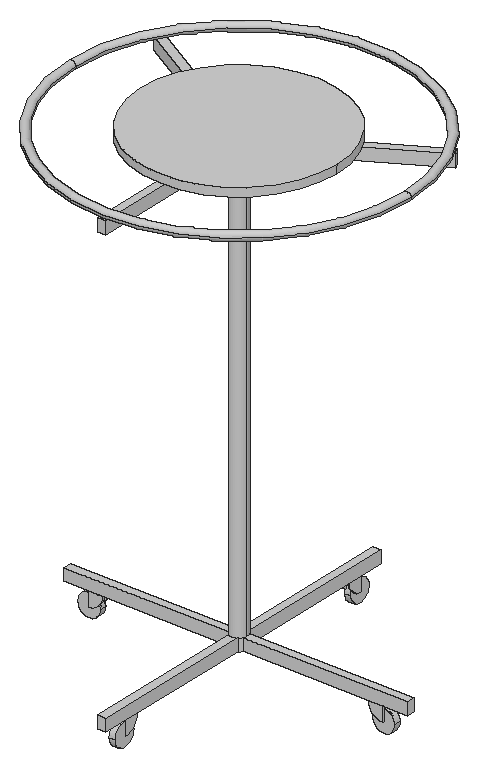
Revit family "RG", category Specialty Equipment, Revit 2012
Parameters (values of type "Rolling Garment Rack Adjustable Height (Default)")
  URL = "http://madixinc.com/display/freestanding.html"
  Model = "Rolling Garment Rack Adjustable Height"
  Manufacturer = "© 2012 Madix, Inc. All rights reserved."
Reference planes (in)
  plane 1 "Center (Front/Back)": y = 0
  plane 2: z = 0
  plane 3 "Center (Left/Right)": x = 0
  plane 4: y = 21
  plane 5: y = -21
  plane 6: x = -21
  plane 7: x = 21
  plane 8: x = -0.5
  plane 9: x = 0.5
  plane 10: y = 0.5
  plane 11: y = -0.5
  plane 12: z = 3
  plane 13: z = 4.5
  plane 14: z = 60
  plane 15: z = 59
  plane 16: z = 57.5
  plane 17: y = 0.375
  plane 18: y = -0.375
  plane 19: x = -0.375
  plane 20: x = 0.375
Forms (in)
  Extrusion 1, solid, material "Metal - Steel"
    sketch origin (0, 0, 0) x (1, 0, 0) y (0, 1, 0)
      loop
        line (-0.5, 21) -> (-0.5, 0.86603)
        arc (-0.5, 0.86603) -> (-0.70711, 0.70711) -> (-0.86603, 0.5) r 1
        line (-0.86603, 0.5) -> (-21, 0.5) -> (-21, -0.5) -> (-0.86603, -0.5)
        arc (-0.86603, -0.5) -> (-0.70711, -0.70711) -> (-0.5, -0.86603) r 1
        line (-0.5, -0.86603) -> (-0.5, -21) -> (0.5, -21) -> (0.5, -0.86603)
        arc (0.5, -0.86603) -> (0.70711, -0.70711) -> (0.86603, -0.5) r 1
        line (0.86603, -0.5) -> (21, -0.5) -> (21, 0.5) -> (0.86603, 0.5)
        arc (0.86603, 0.5) -> (0.70711, 0.70711) -> (0.5, 0.86603) r 1
        line (0.5, 0.86603) -> (0.5, 21) -> (-0.5, 21)
    from 3 to 4.5
  Extrusion 2, solid, material "Metal - Steel"
    sketch origin (0, 0, 0) x (1, 0, 0) y (0, 1, 0)
      loop
        line (-0.5, -0.40031) -> (-0.5, -21) -> (0.5, -21) -> (0.5, -0.28868) -> (18.43653, 10.06699) -> (17.93653, 10.93301) -> (0, 0.57735) -> (-17.93653, 10.93301) -> (-18.43653, 10.06699) -> (-0.5, -0.28868) -> (-0.5, -0.40031)
    from 57.5 to 59
  Extrusion 3, solid, material "Metal - Steel"
    sketch origin (0, 0, 0) x (1, 0, 0) y (0, 1, 0)
      loop
        circle (0, 0) r 12
    from 59 to 60
  Sweep 4, solid, material "Metal - Steel"
    path origin (0, 0, 0) x (1, 0, 0) y (0, 1, 0)
      loop
        circle (0, 0) r 20.5
    profile origin (0, 20.5, 0) x (0, -1, 0) y (0, 0, 1)
      loop
        circle (0, 59.5) r 0.5
  Extrusion 5, solid, material "Metal - Steel"
    sketch origin (0, 0, 0) x (1, 0, 0) y (0, 1, 0)
      loop
        circle (0, 0) r 1
    from 4.5 to 57.5
  Extrusion 6, solid, material "Metal - Steel"
    sketch origin (0, 0, 0) x (1, 0, 0) y (0, 0, 1)
      loop
        circle (-18, 1.375) r 1.375
      loop
        circle (18, 1.375) r 1.375
    from -0.375 to 0.375
  Extrusion 7, solid, material "Metal - Steel"
    sketch origin (0, 0, 0) x (0, 1, 0) y (0, 0, 1)
      loop
        circle (18, 1.375) r 1.375
      loop
        circle (-18, 1.375) r 1.375
    from -0.375 to 0.375
  Extrusion 8, solid, material "Metal - Steel"
    sketch origin (0, 0, 0) x (1, 0, 0) y (0, 0, 1)
      loop
        arc (-18, 1.25) -> (-16.76256, 1.76256) -> (-16.25, 3) r 1.75
        line (-16.25, 3) -> (-18, 3) -> (-18, 1.25)
      loop
        line (18, 1.25) -> (18, 3) -> (16.25, 3)
        arc (16.25, 3) -> (16.76256, 1.76256) -> (18, 1.25) r 1.75
    from 0.375 to 0.5
  Extrusion 9, solid, material "Metal - Steel"
    sketch origin (0, 0, 0) x (1, 0, 0) y (0, 0, -1)
      loop
        line (-18, -1.25) -> (-18, -3) -> (-16.25, -3)
        arc (-16.25, -3) -> (-16.76256, -1.76256) -> (-18, -1.25) r 1.75
      loop
        arc (18, -1.25) -> (16.76256, -1.76256) -> (16.25, -3) r 1.75
        line (16.25, -3) -> (18, -3) -> (18, -1.25)
    from 0.375 to 0.5
  Extrusion 10, solid, material "Metal - Steel"
    sketch origin (0, 0, 0) x (0, 1, 0) y (0, 0, 1)
      loop
        line (18, 1.25) -> (18, 3) -> (16.25, 3)
        arc (16.25, 3) -> (16.76256, 1.76256) -> (18, 1.25) r 1.75
      loop
        arc (-18, 1.25) -> (-16.76256, 1.76256) -> (-16.25, 3) r 1.75
        line (-16.25, 3) -> (-18, 3) -> (-18, 1.25)
    from -0.5 to -0.375
  Extrusion 11, solid, material "Metal - Steel"
    sketch origin (0, 0, 0) x (0, 1, 0) y (0, 0, -1)
      loop
        arc (18, -1.25) -> (16.76256, -1.76256) -> (16.25, -3) r 1.75
        line (16.25, -3) -> (18, -3) -> (18, -1.25)
      loop
        line (-18, -1.25) -> (-18, -3) -> (-16.25, -3)
        arc (-16.25, -3) -> (-16.76256, -1.76256) -> (-18, -1.25) r 1.75
    from -0.5 to -0.375
Cuts and joins
  joined: Extrusion 1, Extrusion 5
Dimensions and locks (in)
  aligned and locked: level to plane 2
